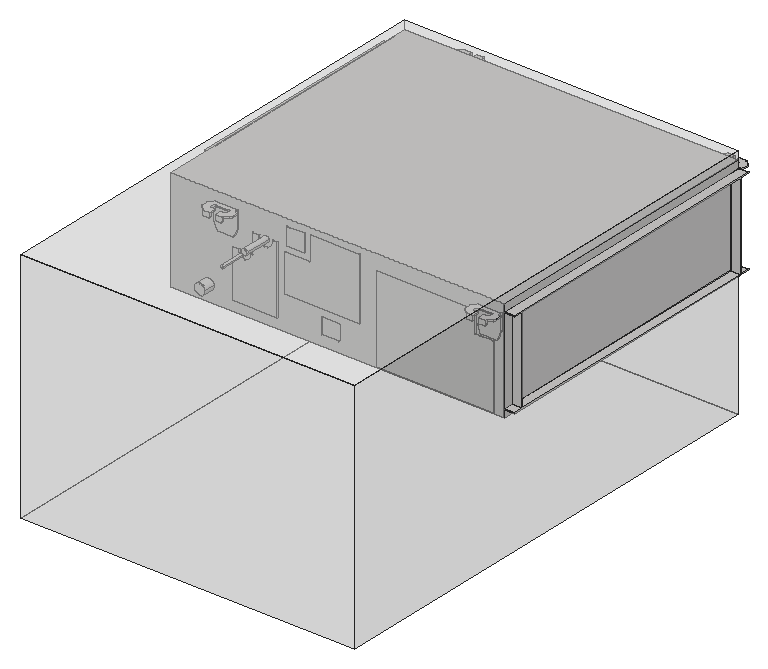
Revit family "outputfile", category 機械設備, Revit 2024
Family settings
  丸型コネクタ寸法 = 半径を使用
  パーツ タイプ = 標準
  OmniClass 番号 = 23.75.10.24.21.27.27
  OmniClass タイトル = Split System Air Conditioning Units
  作業面ベース = いいえ
  常に垂直 = はい
  ロード時にボイドで切り取り = いいえ
  注釈の向きを維持 = いいえ
  共有 = いいえ
  部屋計算ポイント = はい
Parameters (values of type "FBFC40DVM4")
  Description = ""
  製造元 = "Daikin"
  書き出し IFC クラス(タイプ) = "IfcUnitaryEquipmentType"
  定義済み IFC タイプ(タイプ) = "AIRCONDITIONINGUNIT"
  Cost = 0
  モデル = "FBFC40DVM4"
  Type Comments = ""
  Keynote = ""
  Type Image = (empty or 0)
  Assembly Code = ""
  switch_frequency = yes
  r_Liquid Pipe Size = Liquid Pipe Size / 2  # 3.2 mm
  r_Gas Pipe Size = Gas Pipe Size / 2  # 6.35 mm
  r_Drain Pipe Size = Drain Pipe Size / 2  # 12.5 mm
  lw_power = 770.0 mm  # constant formula
  lh_SA = 138.0 mm  # constant formula
  lw_SA = if(Depth = 550.0 mm, 225.0 mm, if(Depth = 700.0 mm, 300.0 mm, if(Depth = 1000.0 mm, 450.0 mm, if(Depth = 1400.0 mm, 650.0 mm, 725.0 mm))))  # 300.0 mm
  lw_RA = if(Depth = 550.0 mm, 275.0 mm, if(Depth = 700.0 mm, 349.0 mm, if(Depth = 1000.0 mm, 499.0 mm, if(Depth = 1400.0 mm, 699.0 mm, 775.0 mm))))  # 349.0 mm
  lh_power = 60.0 mm + [h***]  # 60.0 mm
  lh_mountinghole1 = lh_mountinghole + [h***]  # 222.0 mm
  lh_RA = 123.0 mm  # constant formula
  ld_power = Depth / 2  # 350.0 mm
  connector_voltage = Voltage_50Hz  # 230 V
  connector_powerinput = [Power Input (Cooling)]  # 0.000 kW
  connector_phase = Phase_50Hz  # 1
  Voltage_comment_50Hz = "220 - 240"
  Voltage_50Hz = 230 V
  URL = ""
  Supply Air Direction [instance] = yes
  Sound Power Level_H speed (dB) = 0
  Phase_50Hz = 1
  Minimum External Static Pressure = 30.00 Pa
  Minimum Circuit Amps_50Hz = 0.0 A
  Maximum Fuse Amps_50Hz = 0.0 A
  Maximum External Static Pressure = 130.00 Pa
  Material_Casing = DAIKIN_GalvanizedSteel_Casing_indoorunit
  lw_mountinghole = 630.0 mm  # constant formula
  lh_gaspipe = 183.0 mm + [h***]  # 183.0 mm
  lh_mountinghole = 222.0 mm  # constant formula
  lh_liquidpipe = 136.0 mm + [h***]  # 136.0 mm
  lh_drainpipe = 38.0 mm + [h***]  # 38.0 mm
  lh_antena = Height - lh_mountinghole + 1.0 mm  # 24.0 mm
  ld_drainpipe = Depth / 2 + 26.0 mm  # 376.0 mm
  ld_liquidpipe = Depth / 2 + 69.0 mm  # 419.0 mm
  ld_gaspipe = Depth / 2 + 65.0 mm  # 415.0 mm
  ld_mountinghole = Depth + 38.0 mm  # 738.0 mm
  h*** = 0.0 mm  # constant formula
  lw_liquidpipe = 179.0 mm  # constant formula
  lw_gaspipe = 229.0 mm  # constant formula
  lw_drainpipe = 91.0 mm  # constant formula
  Width = 800.0 mm
  Version = "ver.1.0"
  Unit Type = "M.S.P. Duct"
  Unit Mass Weight = 26.00 kg
  Unit Designation [instance] = ""
  Uniclass2015Version = "Products v1.30"
  Uniclass2015Title = "Split coil room air conditioning units"
  Uniclass2015Code = "Pr_70_65_03_86"
  Total Cooling Capacity [instance] = 0.000 kW
  Sound Pressure Level_M speed (dBA) = 35
  Sound Pressure Level_L speed (dBA) = 30
  Sound Pressure Level_H speed (dBA) = 37
  Series = "SkyAir_Fan Coil Unit"
  Sensible Cooling Capacity [instance] = 0.000 kW
  SA Duct Size Width = 492.0 mm
  SA Duct Size Height = 176.0 mm
  Refrigerant Type = "R32"
  RA Duct Size Width = 654.0 mm
  RA Duct Size Height = 208.0 mm
  Power Input (Cooling) = 0.000 kW
  Option Accessory 3 [instance] = ""
  Option Accessory 2 [instance] = ""
  Option Accessory 1 [instance] = ""
  Nominal Cooling Capacity = 4.000 kW
  Minimum Airflow = 540.00 m³/h
  Median Airflow = 720.00 m³/h
  Maximum Airflow = 930.00 m³/h
  Load Classification = HVAC
  Liquid Pipe Size = 6.4 mm
  Link_Nested Family [instance] = ""
  IfcVersion = ""
  IfcExportType = "AIRCONDITIONINGUNIT"
  IfcExportAs = "IfcUnitaryEquipmentType"
  Height = 245.0 mm
  Heat Exchanger Type = "Cross Fin Coil"
  Gas Pipe Size = 12.7 mm
  Frequency_50Hz = 50 Hz
  Fan Type = "Sirocco Fan"
  Fan Drive = "Direct Drive"
  FCU Tag No. [instance] = ""
  Drain Pipe Size = 25.0 mm
  Design Supply Airflow [instance] = 0.00 m³/h
  Design Return Airflow [instance] = 0.00 m³/h
  Design External Static Pressure [instance] = 0.00 Pa
  Depth = 700.0 mm
  既定の高さ = 0.0 mm
  Cooling Entering Wet Bulb Temperature [instance] = 0.00 °C
  Cooling Entering Dry Bulb Temperature [instance] = 0.00 °C
  Cooling Ambient Wet Bulb Temperature [instance] = 0.00 °C
  Cooling Ambient Dry Bulb Temperature [instance] = 0.00 °C
  Clearance visibility [instance] = yes
  Clearance Top = 20.0 mm
  Clearance Right = 0.0 mm
  Clearance Rear = 0.0 mm
  Clearance Left = 0.0 mm
  Clearance Front = 450.0 mm
  Clearance Bottom = 300.0 mm
Reference planes
  plane 1 "Center (Front/Back)": y = 0
  plane 2 "h": z = 0
  plane 3 "Center (Left/Right)": x = 0
  plane 4 "Back": y = 350
  plane 5 "Front": y = -350
  plane 6 "Left": x = -400
  plane 7 "Right": x = 400
  plane 8 "Top": z = 0
  plane 9 "Bottom": z = -245
  plane 10: y = -215
  plane 11: y = 350
  plane 12: y = -800
  plane 13: x = -400
  plane 14: x = 400
  plane 15: z = 20
  plane 16: z = -545
  plane 17: x = -400
  plane 18: x = -399
  plane 19: x = 399
  plane 20: y = 50
  plane 21: y = -1
  plane 22: z = -122
  plane 23: y = -351
  plane 24: z = -109
  plane 25: x = -221
  plane 26: y = -415
  plane 27: z = -62
  plane 28: x = -171
  plane 29: y = -376
  plane 30: z = -207
  plane 31: x = -309
  plane 32: x = -309
  plane 33: x = -221
  plane 34: x = -171
  plane 35: x = 370
  plane 36: x = -266
  plane 37: x = 364
  plane 38: y = -369
  plane 39: y = 369
  plane 40: z = -23
  plane 41: z = -107
  plane 42: y = -419
  plane 43: y = -376
  plane 44: x = -251
  plane 45: x = -203
  plane 46: x = -144
  plane 47: z = -59
  plane 48: z = -106
  plane 49: z = -221
  plane 50: z = -109
  plane 51: x = -221
  plane 52: z = -62
  plane 53: x = -171
  plane 54: z = -17
  plane 55: z = -59
  plane 56: x = -121
  plane 57: x = -79
  plane 58: x = -125
  plane 59: x = -64
  plane 60: x = 53
  plane 61: z = -164
  plane 62: z = -73
  plane 63: z = -16
  plane 64: x = 93.5
  plane 65: x = 374.5
  plane 66: x = 330
  plane 67: z = -88.5
  plane 68: z = -38
  plane 69: z = -242.5
  plane 70: x = -38.5
  plane 71: x = 6.5
  plane 72: z = -181
  plane 73: z = -221
  plane 74: y = -349
  plane 75: x = -424
  plane 76: x = 424
Forms (mm)
  Extrusion 1, solid, material "DAIKIN_GalvanizedSteel_Casing_indoorunit" <- "Material_Casing"
    sketch origin (0, 0, 0) x (1, 0, 0) y (0, 1, 0)
      loop
        line (-399, 350) -> (-399, -350) -> (399, -350) -> (399, 350) -> (-399, 350)
    from -245 to 0
  Extrusion 2, solid, material "DAIKIN_GalvanizedSteel_Casing_indoorunit" <- "Material_Casing"
    sketch origin (0, 0, 0) x (1, 0, 0) y (0, 0, 1)
      loop
        line (-251, -221) -> (-144, -221) -> (-144, -59) -> (-154.47, -59)
        arc (-154.47, -59) -> (-171, -78.8) -> (-187.53, -59) r 16.8
        line (-187.53, -59) -> (-203, -59) -> (-203, -106) -> (-206.916, -106)
        arc (-206.916, -106) -> (-221, -123.4) -> (-235.084, -106) r 14.4
        line (-235.084, -106) -> (-251, -106) -> (-251, -221)
    from 350 to 351
  Extrusion 3, solid, material "DAIKIN_GalvanizedSteel_Casing_indoorunit" <- "Material_Casing"
    sketch origin (0, 0, 0) x (1, 0, 0) y (0, 0, 1)
      loop
        line (-121, -17) -> (-121, -59) -> (-79, -59) -> (-79, -17) -> (-121, -17)
      loop
        line (-125, -73) -> (-125, -164) -> (53, -164) -> (53, -16) -> (-64, -16) -> (-64, -73) -> (-125, -73)
    from 350 to 351
  Extrusion 4, solid, material "DAIKIN_GalvanizedSteel_Casing_indoorunit" <- "Material_Casing"
    sketch origin (0, 0, 0) x (1, 0, 0) y (0, 0, 1)
      loop
        line (93.5, -38) -> (93.5, -242.5) -> (374.5, -242.5) -> (374.5, -88.5) -> (330, -88.5) -> (330, -38) -> (93.5, -38)
    from 350 to 351
  Extrusion 5, solid, material "DAIKIN_GalvanizedSteel_Casing_indoorunit" <- "Material_Casing"
    sketch origin (0, 0, 0) x (1, 0, 0) y (0, 0, 1)
      loop
        circle (-221, -109) r 3.2
    from 350 to 419
  Extrusion 6, solid, material "DAIKIN_GalvanizedSteel_Casing_indoorunit" <- "Material_Casing"
    sketch origin (0, 0, 0) x (1, 0, 0) y (0, 0, 1)
      loop
        circle (-171, -62) r 6.35
    from 350 to 415
  Extrusion 7, solid, material "DAIKIN_GalvanizedSteel_Casing_indoorunit" <- "Material_Casing"
    sketch origin (0, 0, 0) x (1, 0, 0) y (0, 0, 1)
      loop
        circle (-309, -207) r 12.5
    from 350 to 376
  Extrusion 8, void
    sketch origin (0, 0, 0) x (1, 0, 0) y (0, 0, 1)
      loop
        line (-38.5, -181) -> (-38.5, -221) -> (6.5, -221) -> (6.5, -181) -> (-38.5, -181)
    from 349 to 350
Cuts and joins
  Extrusion 8 cuts Extrusion 1
Dimensions and locks
  "Height": plane 8 "Top" to plane 9 "Bottom"
  equal spacing: plane 4 "Back", plane 1 "Center (Front/Back)", plane 5 "Front"
  "Depth": plane 4 "Back" to plane 5 "Front"
  equal spacing: plane 6 "Left", plane 3 "Center (Left/Right)", plane 7 "Right"
  "Width": plane 6 "Left" to plane 7 "Right"
  "Clearance Left": plane 13 to plane 6 "Left"
  "Clearance Right": plane 7 "Right" to plane 14
  "Clearance Rear": plane 11 to plane 4 "Back"
  "Clearance Front": plane 5 "Front" to plane 12
  "Clearance Top": plane 15 to plane 8 "Top"
  "Clearance Bottom": plane 9 "Bottom" to plane 16
  locked: plane 17 to plane 18 at 1
  locked: plane 19 to plane 14 at 1
  "lw_SA": plane 11 to plane 20
  "lw_RA": plane 21 to plane 5 "Front"
  "lh_RA": plane 22 to plane 9 "Bottom"
  locked: plane 5 "Front" to plane 23 at 1
  "lw_liquidpipe": plane 25 to plane 6 "Left"
  "lh_liquidpipe": plane 24 to plane 9 "Bottom"
  "lh_gaspipe": plane 27 to plane 9 "Bottom"
  "lw_gaspipe": plane 28 to plane 6 "Left"
  "ld_gaspipe": plane 26 to plane 1 "Center (Front/Back)"
  "ld_drainpipe": plane 29 to plane 1 "Center (Front/Back)"
  "lh_drainpipe": plane 30 to plane 9 "Bottom"
  "lw_drainpipe": plane 31 to plane 6 "Left"
  "lw_drainpipe": plane 6 "Left" to plane 32
  "lw_liquidpipe": plane 6 "Left" to plane 33
  "lw_gaspipe": plane 6 "Left" to plane 34
  "lw_power": plane 6 "Left" to plane 35
  locked: plane 17 to plane 36 at 134
  "lw_mountinghole": plane 36 to plane 37
  equal spacing: plane 38, plane 1 "Center (Front/Back)", plane 39
  "ld_mountinghole": plane 39 to plane 38
  "lh_mountinghole": plane 40 to plane 9 "Bottom"
  "lh_SA": plane 41 to plane 9 "Bottom"
  plane 46 to plane 45 to plane 44 to plane 6 "Left" = 59.0 mm, 48.0 mm, 149.0 mm
  plane 8 "Top" to plane 47 to plane 48 to plane 49 = 59.0 mm locked, 47.0 mm locked, 115.0 mm locked
  plane 53 to plane 51 to plane 6 "Left" = 50.0 mm locked, 179.0 mm locked
  plane 52 to plane 50 to plane 9 "Bottom" = 47.0 mm locked, 136.0 mm locked
  plane 57 to plane 56 to plane 6 "Left" = 42.0 mm locked, 279.0 mm locked
  plane 8 "Top" to plane 54 to plane 55 = 17.0 mm locked, 42.0 mm locked
  plane 60 to plane 59 to plane 58 to plane 6 "Left" = 117.0 mm, 61.0 mm, 275.0 mm
  plane 8 "Top" to plane 63 to plane 62 = 16.0 mm locked, 57.0 mm locked
  locked: plane 63 to plane 61 at 148
  plane 8 "Top" to plane 68 to plane 67 to plane 69 = 38.0 mm locked, 50.5 mm locked, 154.0 mm locked
  plane 65 to plane 66 to plane 64 to plane 6 "Left" = 44.5 mm locked, 236.5 mm locked, 493.5 mm locked
  plane 8 "Top" to plane 72 to plane 73 = 181.0 mm locked, 40.0 mm locked
  plane 71 to plane 70 to plane 6 "Left" = 45.0 mm, 361.5 mm
  locked: plane 74 to plane 5 "Front" at 1
  locked: plane 75 to plane 17 at 24
  locked: plane 14 to plane 76 at 24
  "ld_liquidpipe": plane 42 to plane 1 "Center (Front/Back)"
  "r_Liquid Pipe Size": radius of Extrusion 5 sketch curve
  "r_Gas Pipe Size": radius of Extrusion 6 sketch curve
  "r_Drain Pipe Size": radius of Extrusion 7 sketch curve
  aligned and locked: level to plane 2 "h"
  aligned and locked: plane 8 "Top" to Extrusion 1
  aligned and locked: Extrusion 1 to plane 9 "Bottom"
  aligned and locked: nested 5 to plane 12
  aligned and locked: plane 13 to nested 5
  aligned and locked: plane 14 to nested 5
  aligned and locked: nested 5 to plane 13
  aligned and locked: plane 11 to nested 5
  aligned and locked: plane 15 to nested 5
  aligned and locked: plane 16 to nested 5
  aligned and locked: plane 5 "Front" to Extrusion 1 sketch curve
  aligned and locked: Extrusion 1 to plane 18
  aligned and locked: plane 19 to Extrusion 1
  aligned and locked: nested 7 to plane 18
  aligned and locked: nested 7 to plane 20
  aligned and locked: plane 19 to nested 8
  aligned and locked: plane 21 to nested 8
  aligned and locked: plane 22 to nested 8
  aligned and locked: Extrusion 2 to plane 23
  aligned and locked: plane 5 "Front" to Extrusion 2
  aligned and locked: Extrusion 3 to plane 23
  aligned and locked: plane 5 "Front" to Extrusion 3
  aligned and locked: plane 5 "Front" to Extrusion 4
  aligned and locked: Extrusion 5 sketch curve to plane 25
  aligned and locked: plane 24 to Extrusion 5 sketch curve
  aligned and locked: plane 5 "Front" to Extrusion 5
  aligned and locked: Extrusion 6 sketch curve to plane 28
  aligned and locked: plane 27 to Extrusion 6 sketch curve
  aligned and locked: plane 5 "Front" to Extrusion 6
  aligned and locked: Extrusion 7 sketch curve to plane 31
  aligned and locked: plane 30 to Extrusion 7 sketch curve
  aligned and locked: Extrusion 7 to plane 29
  aligned and locked: nested 3 to plane 29
  aligned and locked: plane 32 to nested 3
  aligned and locked: nested 2 to plane 33
  aligned and locked: nested 1 to plane 34
  aligned and locked: Extrusion 6 to plane 26
  aligned and locked: nested 1 to plane 26
  aligned and locked: nested 6 to plane 5 "Front"
  aligned and locked: nested 6 to plane 35
  aligned and locked: plane 36 to nested 10
  aligned and locked: nested 10 to plane 5 "Front"
  aligned and locked: plane 37 to nested 9
  aligned and locked: nested 9 to plane 5 "Front"
  aligned and locked: nested 11 to plane 36
  aligned and locked: plane 4 "Back" to nested 11
  aligned and locked: nested 12 to plane 37
  aligned and locked: plane 4 "Back" to nested 12
  aligned and locked: plane 40 to nested 10
  aligned and locked: plane 40 to nested 11
  aligned and locked: plane 40 to nested 9
  aligned and locked: plane 40 to nested 12
  aligned and locked: plane 36 to nested 14
  aligned and locked: nested 14 to plane 39
  aligned and locked: plane 37 to nested 13
  aligned and locked: nested 13 to plane 39
  aligned and locked: plane 37 to nested 16
  aligned and locked: plane 38 to nested 16
  aligned and locked: plane 38 to nested 15
  aligned and locked: plane 36 to nested 15
  aligned and locked: plane 17 to plane 6 "Left"
  aligned and locked: plane 41 to nested 7
  aligned and locked: Extrusion 5 to plane 42
  aligned and locked: nested 2 to plane 42
  aligned and locked: Extrusion 3 sketch curve to plane 54
  aligned and locked: Extrusion 3 sketch curve to plane 56
  aligned and locked: plane 55 to Extrusion 3 sketch curve
  aligned and locked: plane 57 to Extrusion 3 sketch curve
  aligned and locked: Extrusion 4 to plane 23
  aligned and locked: Extrusion 8 sketch curve to plane 72
  aligned and locked: plane 73 to Extrusion 8 sketch curve
  aligned and locked: plane 71 to Extrusion 8 sketch curve
  aligned and locked: plane 5 "Front" to Extrusion 8
  aligned and locked: plane 74 to Extrusion 8
  aligned and locked: nested 17 to plane 20
  aligned and locked: nested 17 to plane 75
  aligned and locked: plane 21 to nested 18
  aligned and locked: plane 76 to nested 18
  aligned and locked: plane 41 to nested 17
  aligned and locked: nested 18 to plane 22
  aligned and locked: nested 4 to plane 3 "Center (Left/Right)"
  aligned and locked: plane 1 "Center (Front/Back)" to nested 4
  aligned and locked: level to plane 8 "Top"
  aligned and locked: plane 5 "Front" to Extrusion 7
Automatic sketch dimensions
  plane 6 "Left" to Extrusion 1 sketch curve = 1.0 mm
  Extrusion 1 sketch curve to plane 7 "Right" = 1.0 mm
  Extrusion 1 sketch curve to plane 4 "Back" = 0.0 mm
  Extrusion 2 sketch curve to plane 44 = 0.0 mm
  Extrusion 2 sketch curve to plane 33 = 0.0 mm
  Extrusion 2 sketch curve to plane 45 = 0.0 mm
  Extrusion 2 sketch curve to plane 34 = 0.0 mm
  Extrusion 2 sketch curve to plane 46 = 0.0 mm
  Extrusion 2 sketch curve to plane 49 = 0.0 mm
  Extrusion 2 sketch curve to plane 50 = 0.0 mm
  Extrusion 2 sketch curve to plane 48 = 0.0 mm  (x3)
  Extrusion 2 sketch curve to plane 52 = 0.0 mm
  Extrusion 2 sketch curve to plane 47 = 0.0 mm  (x3)
  plane 33 to Extrusion 2 sketch curve = 14.084 mm
  plane 34 to Extrusion 2 sketch curve = 16.53 mm
  Extrusion 3 sketch curve to plane 58 = 0.0 mm
  Extrusion 3 sketch curve to plane 59 = 0.0 mm
  Extrusion 3 sketch curve to plane 60 = 0.0 mm
  Extrusion 3 sketch curve to plane 61 = 0.0 mm
  Extrusion 3 sketch curve to plane 62 = 0.0 mm
  Extrusion 3 sketch curve to plane 63 = 0.0 mm
  Extrusion 4 sketch curve to plane 64 = 0.0 mm
  Extrusion 4 sketch curve to plane 66 = 0.0 mm
  Extrusion 4 sketch curve to plane 65 = 0.0 mm
  Extrusion 4 sketch curve to plane 69 = 0.0 mm
  Extrusion 4 sketch curve to plane 67 = 0.0 mm
  Extrusion 4 sketch curve to plane 68 = 0.0 mm
  Extrusion 8 sketch curve to plane 70 = 0.0 mm
Nested families
  nested 1: "daikin_connector_rotate2" at (-171, 0, -62), length <- "ld_gaspipe", built-in parameter 1001364 <- "lh_gaspipe", radius <- "r_Gas Pipe Size", type "daikin_connector_rotate2"
    with radius 6.35 mm, length 415.0 mm, angle_vertical 90.00°
  nested 2: "daikin_connector_rotate2" at (-221, 0, -109), length <- "ld_liquidpipe", built-in parameter 1001364 <- "lh_liquidpipe", radius <- "r_Liquid Pipe Size", type "daikin_connector_rotate2"
    with radius 3.2 mm, length 419.0 mm, angle_vertical 90.00°
  nested 3: "daikin_connector_rotate2" at (-309, 0, -207), length <- "ld_drainpipe", built-in parameter 1001364 <- "lh_drainpipe", radius <- "r_Drain Pipe Size", type "daikin_connector_rotate2"
    with radius 12.5 mm, length 376.0 mm, angle_vertical 90.00°
  nested 4: "daikin_△_symbolicline" at (0, 0, 245) x (0, -1, 0) z (0, 0, 1), built-in parameter 1001364 <- "Height", visible <- "Supply Air Direction", type "daikin_△_symbolicline"
    with length 200.0 mm
  nested 5: "daikin_clearancespace" at (0, -225, -262.381), visible <- "Clearance visibility", show <- "Clearance visibility", Link_Nested Family <- "Link_Nested Family", type "daikin_clearancespace"
    with width 800.0 mm, show yes, height 565.0 mm, depth 1150.0 mm, Link_Nested Family ""
  nested 6: "daikin_connector_rotate2" at (370, 0, -185), built-in parameter 1001364 <- "lh_power", length <- "ld_power", type "daikin_connector_rotate2"
    with radius 10.0 mm, length 350.0 mm, angle_vertical 90.00°
  nested 7: "daikin_ductflange_FBFC-DVM42" at (-399, 50, -107) x (0, -1, 0) z (0, 0, 1), type "daikin_ductflange_FBFC-DVM42"
    with width 492.0 mm, w 700.0 mm
  nested 8: "daikin_ductflange_FBFC-DVM4" at (399, -1, -122) x (0, 1, 0) z (0, 0, 1), type "daikin_ductflange_FBFC-DVM4"
  nested 9: "daikin_hangerfixture_FBFC-DVM4" at (364, -350, -23), type "daikin_hangerfixture_FBFC-DVM4"
  nested 10: "daikin_hangerfixture_FBFC-DVM4" at (-266, -350, -23), type "daikin_hangerfixture_FBFC-DVM4"
  nested 11: "daikin_hangerfixture_FBFC-DVM4" at (-266, 350, -23) x (-1, 0, 0) z (0, 0, 1), type "daikin_hangerfixture_FBFC-DVM4"
  nested 12: "daikin_hangerfixture_FBFC-DVM4" at (364, 350, -23) x (-1, 0, 0) z (0, 0, 1), type "daikin_hangerfixture_FBFC-DVM4"
  nested 13: "daikin_mountinghole" at (364, 369, -245), h_mountinghole <- "lh_mountinghole1", l_antenna <- "lh_antena", Link_Nested Family <- "Link_Nested Family", type "daikin_mountinghole"
    with show yes, l_antenna 24.0 mm, h_mountinghole 222.0 mm, Link_Nested Family ""
  nested 14: "daikin_mountinghole" at (-266, 369, -245), h_mountinghole <- "lh_mountinghole1", l_antenna <- "lh_antena", Link_Nested Family <- "Link_Nested Family", type "daikin_mountinghole"
    with show yes, l_antenna 24.0 mm, h_mountinghole 222.0 mm, Link_Nested Family ""
  nested 15: "daikin_mountinghole" at (-266, -369, -245), h_mountinghole <- "lh_mountinghole1", l_antenna <- "lh_antena", Link_Nested Family <- "Link_Nested Family", type "daikin_mountinghole"
    with show yes, l_antenna 24.0 mm, h_mountinghole 222.0 mm, Link_Nested Family ""
  nested 16: "daikin_mountinghole" at (364, -369, -245), h_mountinghole <- "lh_mountinghole1", l_antenna <- "lh_antena", Link_Nested Family <- "Link_Nested Family", type "daikin_mountinghole"
    with show yes, l_antenna 24.0 mm, h_mountinghole 222.0 mm, Link_Nested Family ""
  nested 17: "daikin_connector_rotate2" at (-400, 50, -107) x (0, -1, 0) z (0, 0, 1), type "daikin_connector_rotate2"
    with radius 10.0 mm, length 24.0 mm, angle_vertical 90.00°
  nested 18: "daikin_connector_rotate2" at (400, -1, -122) x (0, 1, 0) z (0, 0, 1), type "daikin_connector_rotate2"
    with radius 10.0 mm, length 24.0 mm, angle_vertical 90.00°
Connectors
  piping at (-309, -376, -207), diameter 25, driven by "r_Drain Pipe Size"
    settings: on nested 3, index 3, connector inside diameter 609.6 mm, connector length 0.0 mm, flow factor 0, pipe flow 0.00 m³/h, pressure drop 0.0 Pa, fitting loss kfactor 0, connector angle 0.00°, fixture units 0, engagement length 0.0 mm, angle of deflection 0.00°, flow configuration 1, flow direction 2, fitting loss method 4, system type 16, joint type 0, gender type 0, connector reference index -1, connector utility 0, adjustable connector no, is connector primary yes, connector description "Condensate Drain Piping"
  piping at (-171, -415, -62), diameter 12.7, driven by "r_Gas Pipe Size"
    settings: on nested 1, index 4, connector inside diameter 609.6 mm, connector length 0.0 mm, flow factor 0, pipe flow 0.00 m³/h, pressure drop 0.0 Pa, fitting loss kfactor 0, connector angle 0.00°, fixture units 0, engagement length 0.0 mm, angle of deflection 0.00°, flow configuration 1, flow direction 2, fitting loss method 0, system type 29, joint type 0, gender type 0, connector reference index -1, connector utility 0, adjustable connector no, is connector primary no, connector description "Refrigerant Gas Piping"
  piping at (-221, -419, -109), diameter 6.4, driven by "r_Liquid Pipe Size"
    settings: on nested 2, index 5, connector inside diameter 609.6 mm, connector length 0.0 mm, flow factor 0, pipe flow 0.00 m³/h, pressure drop 0.0 Pa, fitting loss kfactor 0, connector angle 0.00°, fixture units 0, engagement length 0.0 mm, angle of deflection 0.00°, flow configuration 1, flow direction 1, fitting loss method 0, system type 29, joint type 0, gender type 0, connector reference index -1, connector utility 0, adjustable connector no, is connector primary no, connector description "Refrigerant Liquid Piping"
  electrical at (370, -350, -185), driven by "Load Classification", driven by "connector_powerinput", driven by "connector_voltage", driven by "connector_phase"
    settings: on nested 6, index 6, voltage 230 V, apparent load 0 VA, apparent load phase1 0 VA, apparent load phase2 0 VA, apparent load phase3 0 VA, power factor 1, load classification "HVAC", number of poles 1, system type 30, power factor state 1, is connector primary yes, connector utility no, sub classification motor no, connector description "Power Supply"
  hvac at (-424, 50, -107), driven by "SA Duct Size Height", driven by "SA Duct Size Width"
    settings: on nested 17, index 7, duct flow 0.00 m³/h, flow factor 0, pres drop 0.00 Pa, loss coef 0, conn angle 0.00°, conn width 492.0 mm, conn height 176.0 mm, conn diameter 609.6 mm, duct sys type 1, conn prof type 1, flow config 0, flow direction 2, loss method 4, conn ref index -1, conn util no, is conn primary yes, conn desc "SA Duct"
  hvac at (424, -1, -122), driven by "RA Duct Size Height", driven by "RA Duct Size Width"
    settings: on nested 18, index 8, duct flow 0.00 m³/h, flow factor 0, pres drop 0.00 Pa, loss coef 0, conn angle 0.00°, conn width 654.0 mm, conn height 208.0 mm, conn diameter 609.6 mm, duct sys type 2, conn prof type 1, flow config 0, flow direction 1, loss method 4, conn ref index -1, conn util no, is conn primary no, conn desc "RA Duct"
Definition of nested family "daikin_clearancespace"
  Parameters (values of type "daikin_clearancespace")
    Description = "daikin_clearancespace"
    width [instance] = 1823.963 mm
    show [instance] = yes
    material = none
    height [instance] = 1359.762 mm
    depth [instance] = 880.0 mm
    Default Elevation = 0.0 mm
    Link_Nested Family [instance] = ""
  Reference planes
    plane 1 "Center (Front/Back)": y = 0
    plane 2 "Center (Elevation)": z = -0.119
    plane 3 "Center (Left/Right)": x = 0
    plane 4: y = 440
    plane 5: y = -440
    plane 6 "Right": x = 911.982
    plane 7 "Left": x = -911.982
    plane 8 "Top": z = 679.762
    plane 9 "Bottom": z = -680
  Forms (mm)
    Extrusion 1, solid, material <- "material", visible <- "show"
      sketch origin (0, 0, 0) x (1, 0, 0) y (0, 1, 0)
        loop
          line (-911.982, 440) -> (-911.982, -440) -> (911.982, -440) -> (911.982, 440) -> (-911.982, 440)
      from -680 to 679.762
  Lines and regions (mm)
    symbolic lines, visible <- "show"
      curve 1: line (911.982, 440, 0) -> (-911.982, 440, 0)
      curve 2: line (-911.982, 440, 0) -> (-911.982, -440, 0)
      curve 3: line (-911.982, -440, 0) -> (911.982, -440, 0)
      curve 4: line (911.982, -440, 0) -> (911.982, 440, 0)
      curve 5: line (911.982, 0, 679.762) -> (-911.982, 0, 679.762)
      curve 6: line (911.982, 0, -680) -> (911.982, 0, 679.762)
      curve 7: line (-911.982, 0, -680) -> (911.982, 0, -680)
      curve 8: line (-911.982, 0, 679.762) -> (-911.982, 0, -680)
      curve 9: line (0, 440, 679.762) -> (0, -440, 679.762)
      curve 10: line (0, -440, 679.762) -> (0, -440, -680)
      curve 11: line (0, 440, -680) -> (0, 440, 679.762)
      curve 12: line (0, -440, -680) -> (0, 440, -680)
  Dimensions and locks
    "width": plane 7 "Left" to plane 6 "Right"
    "depth": plane 4 to plane 5
    "height": plane 8 "Top" to plane 9 "Bottom"
    equal spacing: plane 7 "Left", plane 3 "Center (Left/Right)", plane 6 "Right"
    equal spacing: plane 4, plane 1 "Center (Front/Back)", plane 5
    equal spacing: plane 8 "Top", plane 2 "Center (Elevation)", plane 9 "Bottom"
    aligned and locked: level to plane 2 "Center (Elevation)"
    aligned and locked: Extrusion 1 sketch curve to plane 4
    aligned and locked: plane 7 "Left" to Extrusion 1 sketch curve
    aligned and locked: Extrusion 1 sketch curve to plane 5
    aligned and locked: Extrusion 1 sketch curve to plane 6 "Right"
    aligned and locked: plane 8 "Top" to Extrusion 1
    aligned and locked: curve 1 to Extrusion 1
    aligned and locked: curve 2 to Extrusion 1
    aligned and locked: curve 3 to Extrusion 1
    aligned and locked: curve 4 to Extrusion 1
    aligned and locked: curve 5 to Extrusion 1
    aligned and locked: curve 6 to Extrusion 1
    aligned and locked: curve 7 to Extrusion 1
    aligned and locked: curve 8 to Extrusion 1
    aligned and locked: curve 9 to Extrusion 1
    aligned and locked: curve 10 to Extrusion 1
    aligned and locked: curve 11 to Extrusion 1
    aligned and locked: curve 12 to Extrusion 1
    aligned and locked: Extrusion 1 to plane 9 "Bottom"
Definition of nested family "daikin_ductflange_FBFC-DVM42"
  Parameters (values of type "daikin_ductflange_FBFC-DVMG2")
    width = if(w = 550.0 mm, 337.0 mm, if(w = 700.0 mm, 492.0 mm, if(w = 1000.0 mm, 792.0 mm, if(w = 1400.0 mm, 1192.0 mm, 1337.0 mm))))  # 1192.0 mm
    material = none
    height = 215.0 mm
    depth = 1.0 mm
    w = 1400.0 mm
    Default Elevation = 0.0 mm
  Reference planes
    plane 1 "Center (Front/Back)": y = 0
    plane 2: z = 0
    plane 3 "Center (Left/Right)": x = 0
    plane 4: z = 88
    plane 5: z = -88
    plane 6: y = -25
    plane 7: z = 106
    plane 8: z = 89
    plane 9: y = -1
    plane 10: x = -617.5
    plane 11: x = 617.5
    plane 12: z = -106
    plane 13: z = -89
    plane 14: y = -1
    plane 15: x = 596
    plane 16: x = -596
    plane 17: x = 597
    plane 18: z = 87
    plane 19: z = -87
    plane 20: x = -597
    plane 21: z = 87
    plane 22: z = -87
    plane 23: y = -1
  Forms (mm)
    Extrusion 1, solid, material <- "material"
      sketch origin (0, 0, 0) x (0, 1, 0) y (0, 0, 1)
        loop
          line (-25, 88) -> (0, 88) -> (0, 106) -> (-1, 106) -> (-1, 89) -> (-25, 89) -> (-25, 88)
      from -617.5 to 617.5
    Extrusion 2, solid, material <- "material"
      sketch origin (0, 0, 0) x (0, 1, 0) y (0, 0, 1)
        loop
          line (-25, -88) -> (-25, -89) -> (-1, -89) -> (-1, -106) -> (0, -106) -> (0, -88) -> (-25, -88)
      from -617.5 to 617.5
    Extrusion 3, solid, material <- "material"
      sketch origin (0, 0, 0) x (1, 0, 0) y (0, 0, 1)
        loop
          line (596, 88) -> (596, -88) -> (617.5, -88) -> (617.5, -87) -> (597, -87) -> (597, 87) -> (617.5, 87) -> (617.5, 88) -> (596, 88)
      from 0 to 25
    Extrusion 4, solid, material <- "material"
      sketch origin (0, 0, 0) x (1, 0, 0) y (0, 0, 1)
        loop
          line (-617.5, 88) -> (-617.5, 87) -> (-597, 87) -> (-597, -87) -> (-617.5, -87) -> (-617.5, -88) -> (-596, -88) -> (-596, 88) -> (-617.5, 88)
      from 0 to 25
    Extrusion 5, solid, material <- "material"
      sketch origin (0, 0, 0) x (1, 0, 0) y (0, 0, 1)
        loop
          line (-617.5, 88) -> (-617.5, -88) -> (-596, -88) -> (-596, 88) -> (-617.5, 88)
        loop
          line (617.5, 88) -> (596, 88) -> (596, -88) -> (617.5, -88) -> (617.5, 88)
      from 0 to 1
  Cuts and joins
    joined: Extrusion 1, Extrusion 2, Extrusion 3, Extrusion 4, Extrusion 5
  Dimensions and locks
    plane 4 to level to plane 5 = 88.0 mm, 88.0 mm
    locked: plane 6 to plane 1 "Center (Front/Back)" at 25
    locked: plane 9 to plane 1 "Center (Front/Back)" at 1
    locked: plane 8 to plane 4 at 1
    locked: plane 16 to plane 10 at 21.5
    locked: plane 17 to plane 15 at 1
    locked: plane 4 to plane 18 at 1
    locked: plane 19 to plane 5 at 1
    "width": plane 15 to plane 16
    plane 4 to plane 5 = 176.0 mm
    locked: plane 16 to plane 20 at 1
    locked: plane 4 to plane 21 at 1
    locked: plane 22 to plane 5 at 1
    locked: plane 23 to plane 1 "Center (Front/Back)" at 1
    plane 4 to level to plane 5 = 88.0 mm locked, 88.0 mm locked
    locked: plane 5 to plane 13 at 1
    locked: plane 5 to plane 12 at 18
    locked: plane 7 to plane 4 at 18
    equal spacing: plane 15, plane 3 "Center (Left/Right)", plane 16
    locked: plane 11 to plane 15 at 21.5
    plane 11 to plane 10 = 1235.0 mm
    aligned and locked: level to plane 2
    aligned and locked: Extrusion 1 to plane 10
    aligned and locked: plane 11 to Extrusion 1
    aligned and locked: plane 5 to Extrusion 2
    aligned and locked: Extrusion 2 to plane 1 "Center (Front/Back)"
    aligned and locked: plane 15 to Extrusion 3 sketch curve
    aligned and locked: Extrusion 3 sketch curve to Extrusion 2  (x2)
    aligned and locked: Extrusion 3 sketch curve to plane 11
    aligned and locked: plane 6 to Extrusion 3
    aligned and locked: Extrusion 2 to plane 10
    aligned and locked: plane 11 to Extrusion 2
    aligned and locked: Extrusion 4 sketch curve to Extrusion 1  (x2)
    aligned and locked: plane 5 to Extrusion 4 sketch curve
    aligned and locked: Extrusion 4 sketch curve to plane 16
    aligned and locked: Extrusion 4 sketch curve to plane 22
    aligned and locked: plane 20 to Extrusion 4 sketch curve
    aligned and locked: plane 21 to Extrusion 4 sketch curve
    aligned and locked: Extrusion 4 to plane 1 "Center (Front/Back)"
    aligned and locked: plane 6 to Extrusion 4
    aligned and locked: Extrusion 5 sketch curve to Extrusion 1  (x4)
    aligned and locked: Extrusion 5 sketch curve to Extrusion 4  (x2)
    aligned and locked: Extrusion 5 sketch curve to Extrusion 3  (x2)
    aligned and locked: Extrusion 5 to plane 1 "Center (Front/Back)"
    aligned and locked: plane 23 to Extrusion 5
  Automatic sketch dimensions
    Extrusion 1 sketch curve to plane 6 = 0.0 mm
    Extrusion 1 sketch curve to plane 7 = 0.0 mm
    Extrusion 1 sketch curve to plane 9 = 0.0 mm
    Extrusion 1 sketch curve to plane 1 "Center (Front/Back)" = 0.0 mm
    Extrusion 1 sketch curve to plane 4 = 0.0 mm
    Extrusion 1 sketch curve to plane 8 = 0.0 mm
    Extrusion 2 sketch curve to plane 6 = 0.0 mm
    plane 12 to Extrusion 2 sketch curve = 0.0 mm
    Extrusion 2 sketch curve to plane 14 = 0.0 mm
    Extrusion 2 sketch curve to plane 1 "Center (Front/Back)" = 0.0 mm
    plane 13 to Extrusion 2 sketch curve = 0.0 mm
    Extrusion 2 sketch curve to plane 5 = 0.0 mm
    Extrusion 3 sketch curve to plane 17 = 0.0 mm
    Extrusion 3 sketch curve to plane 19 = 0.0 mm
    Extrusion 3 sketch curve to plane 18 = 0.0 mm
    Extrusion 3 sketch curve to plane 4 = 0.0 mm
    Extrusion 4 sketch curve to plane 10 = 0.0 mm
Definition of nested family "daikin_ductflange_FBFC-DVM4"
  Parameters (values of type "daikin_ductflange_FBFC-DVMG")
    width = if(w = 550.0 mm, 502.0 mm, if(w = 700.0 mm, 654.0 mm, if(w = 1000.0 mm, 952.0 mm, if(w = 1400.0 mm, 1352.0 mm, 1502.0 mm))))  # 654.0 mm
    material = none
    lw = if(width = 654.0 mm, 23.0 mm, 25.0 mm)  # 23.0 mm
    height = 208.0 mm
    depth = 1.0 mm
    w = 700.0 mm
    Default Elevation = 0.0 mm
  Reference planes
    plane 1 "Center (Front/Back)": y = 0
    plane 2: z = 0
    plane 3 "Center (Left/Right)": x = 0
    plane 4: z = 104
    plane 5: z = -104
    plane 6: y = -25
    plane 7: z = 121
    plane 8: z = 105
    plane 9: y = -1
    plane 10: x = -350
    plane 11: x = 350
    plane 12: z = -122
    plane 13: z = -105
    plane 14: y = -1
    plane 15: x = 327
    plane 16: x = -327
    plane 17: x = 328
    plane 18: z = 103
    plane 19: z = -103
    plane 20: x = -328
    plane 21: z = 103
    plane 22: z = -103
    plane 23: y = -1
  Forms (mm)
    Extrusion 1, solid, material <- "material"
      sketch origin (0, 0, 0) x (0, 1, 0) y (0, 0, 1)
        loop
          line (-25, 104) -> (0, 104) -> (0, 121) -> (-1, 121) -> (-1, 105) -> (-25, 105) -> (-25, 104)
      from -350 to 350
    Extrusion 2, solid, material <- "material"
      sketch origin (0, 0, 0) x (0, 1, 0) y (0, 0, 1)
        loop
          line (-25, -104) -> (-25, -105) -> (-1, -105) -> (-1, -122) -> (0, -122) -> (0, -104) -> (-25, -104)
      from -350 to 350
    Extrusion 3, solid, material <- "material"
      sketch origin (0, 0, 0) x (1, 0, 0) y (0, 0, 1)
        loop
          line (327, 104) -> (327, -104) -> (350, -104) -> (350, -103) -> (328, -103) -> (328, 103) -> (350, 103) -> (350, 104) -> (327, 104)
      from 0 to 25
    Extrusion 4, solid, material <- "material"
      sketch origin (0, 0, 0) x (1, 0, 0) y (0, 0, 1)
        loop
          line (-350, 104) -> (-350, 103) -> (-328, 103) -> (-328, -103) -> (-350, -103) -> (-350, -104) -> (-327, -104) -> (-327, 104) -> (-350, 104)
      from 0 to 25
    Extrusion 5, solid, material <- "material"
      sketch origin (0, 0, 0) x (1, 0, 0) y (0, 0, 1)
        loop
          line (-350, 104) -> (-350, -104) -> (-327, -104) -> (-327, 104) -> (-350, 104)
        loop
          line (350, 104) -> (327, 104) -> (327, -104) -> (350, -104) -> (350, 104)
      from 0 to 1
  Cuts and joins
    joined: Extrusion 1, Extrusion 2, Extrusion 3, Extrusion 4, Extrusion 5
  Dimensions and locks
    plane 4 to level to plane 5 = 104.0 mm, 104.0 mm
    locked: plane 6 to plane 1 "Center (Front/Back)" at 25
    locked: plane 9 to plane 1 "Center (Front/Back)" at 1
    locked: plane 8 to plane 4 at 1
    "lw": plane 11 to plane 15
    "lw": plane 16 to plane 10
    locked: plane 17 to plane 15 at 1
    locked: plane 4 to plane 18 at 1
    locked: plane 19 to plane 5 at 1
    "width": plane 15 to plane 16
    equal spacing: plane 15, plane 3 "Center (Left/Right)", plane 16
    locked: plane 16 to plane 20 at 1
    locked: plane 4 to plane 21 at 1
    locked: plane 22 to plane 5 at 1
    locked: plane 23 to plane 1 "Center (Front/Back)" at 1
    locked: plane 7 to plane 4 at 17
    locked: plane 1 "Center (Front/Back)" to plane 14 at 1
    locked: plane 5 to plane 13 at 1
    "height": plane 4 to plane 5
    plane 11 to plane 10 = 700.0 mm
    locked: plane 12 to plane 13 at 17
    equal spacing: plane 4, level, plane 5
    aligned and locked: level to plane 2
    aligned and locked: Extrusion 1 to plane 10
    aligned and locked: plane 11 to Extrusion 1
    aligned and locked: plane 5 to Extrusion 2
    aligned and locked: Extrusion 2 to plane 1 "Center (Front/Back)"
    aligned and locked: plane 15 to Extrusion 3 sketch curve
    aligned and locked: Extrusion 3 sketch curve to Extrusion 2  (x2)
    aligned and locked: Extrusion 3 sketch curve to plane 11
    aligned and locked: plane 6 to Extrusion 3
    aligned and locked: Extrusion 2 to plane 10
    aligned and locked: plane 11 to Extrusion 2
    aligned and locked: Extrusion 4 sketch curve to Extrusion 1  (x2)
    aligned and locked: plane 5 to Extrusion 4 sketch curve
    aligned and locked: Extrusion 4 sketch curve to plane 16
    aligned and locked: Extrusion 4 sketch curve to plane 22
    aligned and locked: plane 20 to Extrusion 4 sketch curve
    aligned and locked: plane 21 to Extrusion 4 sketch curve
    aligned and locked: Extrusion 4 to plane 1 "Center (Front/Back)"
    aligned and locked: plane 6 to Extrusion 4
    aligned and locked: Extrusion 5 sketch curve to Extrusion 1  (x4)
    aligned and locked: Extrusion 5 sketch curve to Extrusion 4  (x2)
    aligned and locked: Extrusion 5 sketch curve to Extrusion 3  (x2)
    aligned and locked: Extrusion 5 to plane 1 "Center (Front/Back)"
    aligned and locked: plane 23 to Extrusion 5
  Automatic sketch dimensions
    Extrusion 1 sketch curve to plane 6 = 0.0 mm
    Extrusion 1 sketch curve to plane 7 = 0.0 mm
    Extrusion 1 sketch curve to plane 9 = 0.0 mm
    Extrusion 1 sketch curve to plane 1 "Center (Front/Back)" = 0.0 mm
    Extrusion 1 sketch curve to plane 4 = 0.0 mm
    Extrusion 1 sketch curve to plane 8 = 0.0 mm
    Extrusion 2 sketch curve to plane 6 = 0.0 mm
    plane 12 to Extrusion 2 sketch curve = 0.0 mm
    Extrusion 2 sketch curve to plane 14 = 0.0 mm
    Extrusion 2 sketch curve to plane 1 "Center (Front/Back)" = 0.0 mm
    plane 13 to Extrusion 2 sketch curve = 0.0 mm
    Extrusion 2 sketch curve to plane 5 = 0.0 mm
    Extrusion 3 sketch curve to plane 17 = 0.0 mm
    Extrusion 3 sketch curve to plane 19 = 0.0 mm
    Extrusion 3 sketch curve to plane 18 = 0.0 mm
    Extrusion 3 sketch curve to plane 4 = 0.0 mm
    Extrusion 4 sketch curve to plane 10 = 0.0 mm
Definition of nested family "daikin_hangerfixture_FBFC-DVM4"
  Parameters (values of type "daikin_hangerfixture_FXMQ-PAVE")
    width = 72.0 mm
    material = none
    height = 60.0 mm
    depth = 41.0 mm
    Default Elevation = 0.0 mm
  Reference planes
    plane 1 "Center (Front/Back)": y = 0
    plane 2: z = 0
    plane 3 "Center (Left/Right)": x = 0
    plane 4: y = 417.146
    plane 5: y = -41
    plane 6: x = -36
    plane 7: x = 36
    plane 8: z = -2.3
    plane 9: z = -60
    plane 10: y = -2.3
    plane 11: z = -12
    plane 12: y = -38.7
  Forms (mm)
    Extrusion 1, solid, material <- "material"
      sketch origin (0, 0, 0) x (1, 0, 0) y (0, 1, 0)
        loop
          line (-28, 0) -> (-28, -5)
          arc (-28, -5) -> (-29.127, -8.162) -> (-32, -9.899) r 5
          arc (-32, -9.899) -> (-34.873, -11.636) -> (-36, -14.798) r 5
          line (-36, -14.798) -> (-36, -27.178)
          arc (-36, -27.178) -> (-35.429, -29.499) -> (-33.846, -31.289) r 5
          line (-33.846, -31.289) -> (-23, -38.798) -> (-23, -41.098) -> (-6.5, -41.098) -> (-6.5, -28.498)
          arc (-6.5, -28.498) -> (-7.379, -26.377) -> (-9.5, -25.498) r 3
          line (-9.5, -25.498) -> (-13.5, -25.498)
          arc (-13.5, -25.498) -> (-20, -18.998) -> (-13.5, -12.498) r 6.5
          line (-13.5, -12.498) -> (13.5, -12.498)
          arc (13.5, -12.498) -> (20, -18.998) -> (13.5, -25.498) r 6.5
          line (13.5, -25.498) -> (9.5, -25.498)
          arc (9.5, -25.498) -> (7.379, -26.377) -> (6.5, -28.498) r 3
          line (6.5, -28.498) -> (6.5, -41.098) -> (23, -41.098) -> (23, -38.798) -> (33.846, -31.289)
          arc (33.846, -31.289) -> (35.429, -29.499) -> (36, -27.178) r 5
          line (36, -27.178) -> (36, -14.596)
          arc (36, -14.596) -> (34.873, -11.434) -> (32, -9.697) r 5
          arc (32, -9.697) -> (29.127, -7.96) -> (28, -4.798) r 5
          line (28, -4.798) -> (28, 0) -> (-28, 0)
      from 0 to -2.3
    Extrusion 2, solid, material <- "material"
      sketch origin (0, 0, 0) x (1, 0, 0) y (0, 0, 1)
        loop
          line (28, -39.037) -> (28, 0) -> (-28, 0) -> (-28, -39.037)
          arc (-28, -39.037) -> (-27.91, -39.983) -> (-27.642, -40.894) r 5
          line (-27.642, -40.894) -> (-21.257, -56.857)
          arc (-21.257, -56.857) -> (-19.418, -59.14) -> (-16.615, -60) r 5
          line (-16.615, -60) -> (16.615, -60)
          arc (16.615, -60) -> (19.418, -59.14) -> (21.257, -56.857) r 5
          line (21.257, -56.857) -> (27.642, -40.894)
          arc (27.642, -40.894) -> (27.91, -39.983) -> (28, -39.037) r 5
      from 0 to 2.3
    Extrusion 3, solid, material <- "material"
      sketch origin (0, 0, 0) x (1, 0, 0) y (0, 0, 1)
        loop
          line (-23, 0) -> (-23, -9)
          arc (-23, -9) -> (-22.121, -11.121) -> (-20, -12) r 3
          line (-20, -12) -> (-9.5, -12)
          arc (-9.5, -12) -> (-7.379, -11.121) -> (-6.5, -9) r 3
          line (-6.5, -9) -> (-6.5, 0) -> (-23, 0)
        loop
          line (23, 0) -> (6.5, 0) -> (6.5, -9)
          arc (6.5, -9) -> (7.379, -11.121) -> (9.5, -12) r 3
          line (9.5, -12) -> (20, -12)
          arc (20, -12) -> (22.121, -11.121) -> (23, -9) r 3
          line (23, -9) -> (23, 0)
      from 38.8 to 41.098
  Cuts and joins
    joined: Extrusion 1, Extrusion 2, Extrusion 3
  Dimensions and locks
    plane 2 to plane 8 = 2.3 mm
    "height": plane 2 to plane 9
    locked: plane 10 to plane 1 "Center (Front/Back)" at 2.3
    locked: plane 2 to plane 11 at 12
    locked: plane 12 to plane 5 at 2.3
    aligned and locked: level to plane 2
    aligned and locked: Extrusion 1 to plane 8
    aligned and locked: plane 2 to Extrusion 1
    aligned and locked: plane 2 to Extrusion 2 sketch curve
    aligned and locked: Extrusion 2 to plane 10
    aligned and locked: Extrusion 2 to plane 1 "Center (Front/Back)"
    aligned and locked: Extrusion 3 sketch curve to cut or joined group of Extrusion 1, Extrusion 2, Extrusion 3  (x3)
    aligned and locked: cut or joined group of Extrusion 1, Extrusion 2, Extrusion 3 to Extrusion 3
  Automatic sketch dimensions
    Extrusion 2 sketch curve to plane 7 = 8.0 mm
    Extrusion 2 sketch curve to plane 8 = 36.737 mm
    plane 6 to Extrusion 2 sketch curve = 19.385 mm
    Extrusion 1 sketch curve to plane 6 = 0.0 mm
    plane 1 "Center (Front/Back)" to Extrusion 1 sketch curve = 0.0 mm
    Extrusion 1 sketch curve to plane 7 = 0.0 mm
    plane 6 to Extrusion 1 sketch curve = 2.154 mm
    plane 6 to Extrusion 1 sketch curve = 3.0 mm
    Extrusion 1 sketch curve to Extrusion 1 sketch curve = 5.0 mm  (x3)
    Extrusion 1 sketch curve to plane 12 = 0.098 mm  (x2)
    Extrusion 1 sketch curve to Extrusion 1 sketch curve = 4.0 mm  (x2)
    Extrusion 1 sketch curve to plane 5 = 0.098 mm  (x2)
    Extrusion 1 sketch curve to plane 3 "Center (Left/Right)" = 6.5 mm
    plane 3 "Center (Left/Right)" to Extrusion 1 sketch curve = 6.5 mm
    Extrusion 1 sketch curve to Extrusion 1 sketch curve = 3.0 mm
    Extrusion 1 sketch curve to plane 7 = 8.0 mm
    Extrusion 1 sketch curve to plane 7 = 5.0 mm
    Extrusion 1 sketch curve to plane 7 = 3.0 mm
    Extrusion 1 sketch curve to plane 7 = 2.154 mm
    plane 12 to Extrusion 1 sketch curve = 7.411 mm  (x2)
    plane 12 to Extrusion 1 sketch curve = 10.202 mm  (x2)
    Extrusion 1 sketch curve to Extrusion 1 sketch curve = 6.5 mm  (x2)
    Extrusion 1 sketch curve to Extrusion 1 sketch curve = 12.38 mm
    Extrusion 1 sketch curve to plane 10 = 12.296 mm
    Extrusion 1 sketch curve to plane 10 = 2.7 mm
    Extrusion 1 sketch curve to plane 10 = 2.498 mm
    plane 6 to Extrusion 1 sketch curve = 4.0 mm
    Extrusion 1 sketch curve to Extrusion 1 sketch curve = 0.0 mm  (x2)
    Extrusion 1 sketch curve to plane 7 = 4.0 mm
    Extrusion 1 sketch curve to Extrusion 1 sketch curve = 4.111 mm
    Extrusion 3 sketch curve to level = 0.0 mm  (x2)
    Extrusion 3 sketch curve to plane 11 = 0.0 mm  (x2)
    plane 11 to Extrusion 3 sketch curve = 3.0 mm  (x2)
    plane 3 "Center (Left/Right)" to Extrusion 3 sketch curve = 6.5 mm
    Extrusion 3 sketch curve to Extrusion 3 sketch curve = 3.0 mm  (x2)
    Extrusion 2 sketch curve to plane 9 = 0.0 mm
    Extrusion 2 sketch curve to Extrusion 2 sketch curve = 11.385 mm
    plane 6 to Extrusion 2 sketch curve = 8.0 mm
    plane 9 to Extrusion 2 sketch curve = 20.963 mm
    Extrusion 2 sketch curve to Extrusion 2 sketch curve = 5.0 mm  (x2)
    plane 9 to Extrusion 2 sketch curve = 3.143 mm  (x3)
    Extrusion 2 sketch curve to Extrusion 2 sketch curve = 4.642 mm  (x2)
    Extrusion 2 sketch curve to Extrusion 2 sketch curve = 0.0 mm  (x2)
    Extrusion 2 sketch curve to Extrusion 2 sketch curve = 0.358 mm
    Extrusion 2 sketch curve to Extrusion 2 sketch curve = 1.857 mm  (x2)
Definition of nested family "daikin_connector_rotate2"
  Parameters (values of type "daikin_connector_rotate2")
    Default Elevation = 1219.2 mm
    show_face = no
    radius [instance] = 10.0 mm
    length [instance] = 600.0 mm
    d_surface = 10.0 mm
    angle_vertical [instance] = 90.00°
  Reference planes
    plane 1 "Center (Front/Back)": y = 0
    plane 2: z = 0
    plane 3 "Center (Left/Right)": x = 0
  Forms (mm)
    Extrusion 1, solid, visible <- "show_face"
      sketch origin (0, -600, 0) x (1, 0, 0) y (0, 0, 1)
        loop
          circle (0, 0) r 10
      from 0 to -10
  Lines and regions (mm)
    reference lines
      curve 1: line (0, 0, 0) -> (0, -600, 0)
    symbolic lines
      curve 2: circle (0, 0, 0) r 5 normal (0, 0, 1)
    model lines, visible <- "show_face"
      curve 3: line (0, 0, 0) -> (0, -600, 0)
  Dimensions and locks
    "length": curve 1 to curve 1
    "length": curve 3 to curve 3
    "d_surface": Extrusion 1 to Extrusion 1
    "radius": radius of Extrusion 1 sketch curve
    "angle_vertical": angle curve 1 to plane 1 "Center (Front/Back)"
    "angle_vertical": angle curve 3 to plane 1 "Center (Front/Back)"
    aligned and locked: level to plane 2
    aligned and locked: plane 1 "Center (Front/Back)" to curve 1
    aligned and locked: plane 2 to curve 1
    aligned and locked: plane 1 "Center (Front/Back)" to curve 2
    aligned and locked: plane 3 "Center (Left/Right)" to curve 2
    aligned and locked: plane 1 "Center (Front/Back)" to curve 3
    aligned and locked: plane 2 to curve 3
    aligned and locked: Extrusion 1 to Extrusion 1
  Automatic sketch dimensions
    Extrusion 1 sketch curve to level = 0.0 mm
    Extrusion 1 sketch curve to plane 3 "Center (Left/Right)" = 0.0 mm
    radius of curve 2 = 5.0 mm
Definition of nested family "daikin_△_symbolicline"
  Parameters (values of type "daikin_△_symbolicline")
    length [instance] = 200.0 mm
    Default Elevation = 0.0 mm
  Reference planes
    plane 1 "Center (Front/Back)": y = 0
    plane 2: z = 0
    plane 3 "Center (Left/Right)": x = 0
  Lines and regions (mm)
    symbolic lines
      curve 1: line (0, -173.205, 0) -> (100, 0, 0)
      curve 2: line (100, 0, 0) -> (-100, 0, 0)
      curve 3: line (-100, 0, 0) -> (0, -173.205, 0)
  Dimensions and locks
    equal spacing: curve 3, plane 3 "Center (Left/Right)", curve 2
    "length": curve 3 to curve 2
    "length": curve 3 to curve 3
    "length": curve 1 to curve 1
    aligned and locked: level to plane 2
    aligned and locked: curve 2 to plane 1 "Center (Front/Back)"
    aligned and locked: plane 3 "Center (Left/Right)" to curve 3
Definition of nested family "daikin_mountinghole"
  Parameters (values of type "daikin_mountinghole")
    Default Elevation = 1219.2 mm
    Type Comments = "mountinghole"
    show [instance] = yes
    material = none
    l_centerline = 100.0 mm
    l_antenna [instance] = 100.0 mm
    h_mountinghole [instance] = 0.0 mm
    d_circle = 30.0 mm
    Link_Nested Family [instance] = ""
  Reference planes
    plane 1 "Center (Front/Back)": y = 0
    plane 2: z = 0
    plane 3 "Center (Left/Right)": x = 0
    plane 4: y = 50
    plane 5: x = -50
    plane 6: x = 50
    plane 7: y = -50
    plane 8 "h_mountinghole": z = 0
    plane 9: z = 100
  Lines and regions (mm)
    model lines, detail levels fine
      curve 1: circle (0, 0, 0) r 15 normal (0, 0, 1)
      curve 2: line (-50, 0, 0) -> (50, 0, 0)
      curve 3: line (0, 50, 0) -> (0, -50, 0)
    symbolic lines, detail levels fine
      curve 4: circle (0, 0, 0) r 15 normal (0, 0, 1)
      curve 5: line (-50, 0, 0) -> (50, 0, 0)
      curve 6: line (0, 50, 0) -> (0, -50, 0)
    model lines
      curve 7: line (0, 0, 100) -> (0, 0, 0)
  Dimensions and locks
    equal spacing: plane 4, plane 1 "Center (Front/Back)", plane 7
    "l_centerline": plane 4 to plane 7
    equal spacing: plane 5, plane 3 "Center (Left/Right)", plane 6
    "l_centerline": plane 5 to plane 6
    "l_antenna": plane 9 to plane 8 "h_mountinghole"
    "h_mountinghole": plane 8 "h_mountinghole" to plane 2
    "d_circle": diameter of curve 1
    "d_circle": diameter of curve 4
    aligned and locked: level to plane 2
    aligned and locked: plane 1 "Center (Front/Back)" to curve 1
    aligned and locked: plane 3 "Center (Left/Right)" to curve 1
    aligned and locked: plane 1 "Center (Front/Back)" to curve 2
    aligned and locked: curve 3 to plane 3 "Center (Left/Right)"
    aligned and locked: plane 6 to curve 2
    aligned and locked: plane 5 to curve 2
    aligned and locked: plane 4 to curve 3
    aligned and locked: plane 7 to curve 3
    aligned and locked: plane 1 "Center (Front/Back)" to curve 4
    aligned and locked: plane 3 "Center (Left/Right)" to curve 4
    aligned and locked: plane 6 to curve 5
    aligned and locked: plane 5 to curve 5
    aligned and locked: plane 1 "Center (Front/Back)" to curve 5
    aligned and locked: plane 4 to curve 6
    aligned and locked: plane 7 to curve 6
    aligned and locked: curve 6 to plane 3 "Center (Left/Right)"
    aligned and locked: curve 7 to plane 3 "Center (Left/Right)"
    aligned and locked: plane 9 to curve 7
    aligned and locked: plane 8 "h_mountinghole" to curve 7
